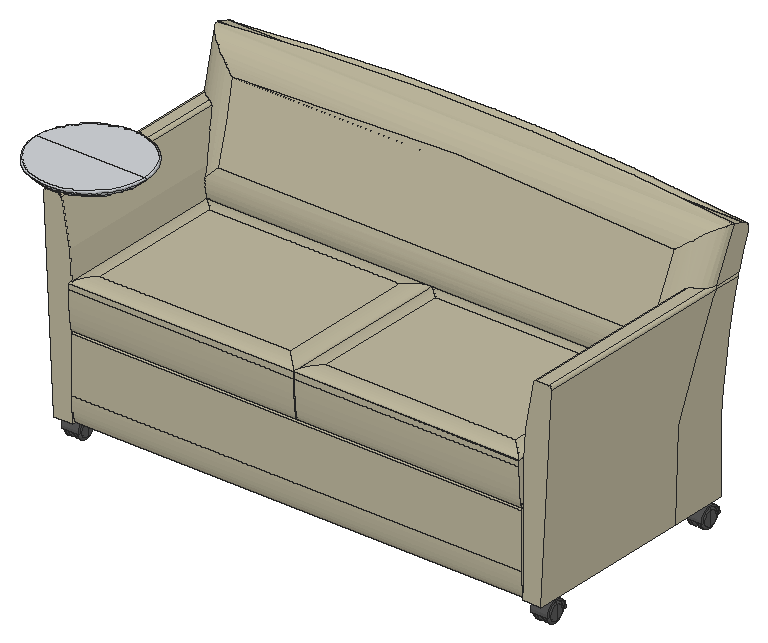
Revit family "martin brattrud heritage 910-60tl", category Furniture, Revit 2015
Parameters
  URL = "http://www.martinbrattrud.com"
  Tablet [instance] = none
  SCS Certified Product = "Yes"
  Model = "Heritage 910-60TL"
  Manufacturer = "Martin Brattrud, Inc."
  Handle [instance] = none
  Keynote = "125000"
  Copyright = "© 2013 Martin Brattrud, Inc."
  Chair [instance] = none
  Wheel [instance] = none
  Authoring Version = "Revit Architecture 2016"
  Assembly Code = "E2020200"
Reference planes (in)
  plane 1 "Center Front/Back": y = 0
  plane 2: z = 0
  plane 3: x = 15.67241
Forms (in)
  Extrusion 1, solid, material <- "Chair"
    sketch origin (0, 0, 0) x (0, 1, 0) y (0, 0, 1)
      loop
        arc (12.74026, 2.62614) -> (12.50987, 16.40948) -> (14.59049, 30.03683) r 82.04243
        arc (14.59049, 30.03683) -> (14.49515, 30.75072) -> (13.94487, 31.21539) r 1
        line (13.94487, 31.21539) -> (12.52721, 31.70551) -> (6.08401, 13.06882) -> (6.08401, 2.62614) -> (12.74026, 2.62614)
    from -14.5 to 45.84482
  Extrusion 2, solid, material <- "Chair"
    sketch origin (0, 0, 0) x (0, 1, 0) y (0, 0, 1)
      loop
        line (6.08401, 17.39354) -> (-13.90749, 17.39354) -> (-13.90749, 16.73684)
        spline (-13.90749, 16.73684) -> (-13.90289, 16.14947) -> (-13.88917, 15.57215) -> (-13.86656, 15.01476) -> (-13.83545, 14.48684) -> (-13.79637, 13.99741) -> (-13.75, 13.55486) -> (-13.69712, 13.16675) -> (-13.63864, 12.83973) -> (-13.57556, 12.57938) -> (-13.50896, 12.39017) -> (-13.43998, 12.27534) -> (-13.36979, 12.23684)
        line (-13.36979, 12.23684) -> (6.08401, 12.23684) -> (6.08401, 17.39354)
    from -10.4547 to 15.67241
  Sweep 3, solid, material <- "Chair"
    path in 3D
      loop
        line (-10.4547, 6.08401, 17.39354) -> (-10.4547, -13.90749, 17.39354) -> (15.67241, -13.90749, 17.39354) -> (15.67241, 6.08401, 17.39354) -> (-10.4547, 6.08401, 17.39354)
    profile origin (2.60886, 6.08401, 17.39354) x (0, -1, 0) y (0, 0, 1)
      loop
        line (0.03125, 0) -> (2.03125, 0) -> (2.03125, 0.56884)
        spline (2.03125, 0.56884) -> (1.7702, 0.56397) -> (1.51361, 0.54946) -> (1.26588, 0.52554) -> (1.03125, 0.49263) -> (0.81373, 0.45129) -> (0.61704, 0.40223) -> (0.44454, 0.34629) -> (0.2992, 0.28442) -> (0.18349, 0.21768) -> (0.0994, 0.14723) -> (0.04836, 0.07425) -> (0.03125, 0)
  Extrusion 4, solid, material <- "Chair"
    sketch origin (0, 0, 0) x (1, 0, 0) y (0, 1, 0)
      loop
        line (-8.42345, -11.87624) -> (13.64116, -11.87624) -> (13.64116, 4.05276) -> (-8.42345, 4.05276) -> (-8.42345, -11.87624)
    from 17.39354 to 17.96237
  Sweep 5, solid, material <- "Chair"
    path in 3D
      loop
        arc (45.84482, 12.7199, 2.83) -> (45.84482, 12.51683, 16.51168) -> (45.84482, 14.59049, 30.03683) r 82.04243
        arc (45.84482, 14.59049, 30.03683) -> (45.84482, 14.49515, 30.75072) -> (45.84482, 13.94487, 31.21539) r 1
        line (45.84482, 13.94487, 31.21539) -> (45.84482, 12.52721, 31.70551)
    profile origin (45.84482, 13.23604, 31.46045) x (0, -0.32675, -0.945111) y (1, 0, 0)
      loop
        line (0, -60.34482) -> (0, 0)
        arc (0, 0) -> (-1.27251, -30.17241) -> (0, -60.34482) r 358.34306
  Extrusion 6, void
    sketch origin (0, -11.75, 0) x (-1, 0, 0) y (0, 0, 1)
      loop
        arc (14.35088, 31.98684) -> (14.08326, 28.99427) -> (13.83545, 26) r 453.67894
        line (13.83545, 26) -> (13.42967, 26)
        arc (13.42967, 26) -> (13.70502, 25.87957) -> (13.80352, 25.59564) r 0.375
        arc (13.80352, 25.59564) -> (12.98082, 12.80689) -> (12.51965, 0) r 453.67894
        line (12.51965, 0) -> (15.2047, 0) -> (15.2047, 31.98684) -> (14.35088, 31.98684)
      loop
        line (-45.69571, 31.98684) -> (-46.54952, 31.98684) -> (-46.54952, 0) -> (-43.86448, 0)
        arc (-43.86448, 0) -> (-44.32564, 12.80689) -> (-45.14834, 25.59564) r 453.67894
        arc (-45.14834, 25.59564) -> (-45.04984, 25.87957) -> (-44.77449, 26) r 0.375
        line (-44.77449, 26) -> (-45.18028, 26)
        arc (-45.18028, 26) -> (-45.42808, 28.99427) -> (-45.69571, 31.98684) r 453.67894
    from -2.61979 to 26.83358
  Extrusion 7, solid, material <- "Chair"
    sketch origin (0, 19.68984, 52.42315) x (0, -0.32675, -0.945111) y (1, 0, 0)
      loop
        arc (25.63663, -9.97112) -> (29.88994, -9.65274) -> (34.14575, -9.36984) r 511.348
        line (34.14575, -9.36984) -> (34.14575, 40.86536) -> (25.052, 41.51847)
        arc (25.052, 41.51847) -> (24.67743, 15.7661) -> (25.63663, -9.97112) r 497.30164
    from 0 to 2.25
  Extrusion 8, solid, material <- "Chair"
    sketch origin (0, 0, 0) x (0, 1, 0) y (0, 0, 1)
      loop
        arc (-13.25527, 12.23684) -> (-13.43205, 12.16362) -> (-13.50527, 11.98684) r 0.25
        line (-13.50527, 11.98684) -> (-13.50527, 5.62614)
        spline (-13.50527, 5.62614) -> (-13.50023, 5.23456) -> (-13.48519, 4.84968) -> (-13.46042, 4.47809) -> (-13.42632, 4.12614) -> (-13.3835, 3.79985) -> (-13.33268, 3.50482) -> (-13.27472, 3.24608) -> (-13.21063, 3.02806) -> (-13.1415, 2.8545) -> (-13.06851, 2.72836) -> (-12.99291, 2.6518) -> (-12.91599, 2.62614)
        line (-12.91599, 2.62614) -> (6.08401, 2.62614) -> (6.08401, 12.23684) -> (-13.25527, 12.23684)
    from -10.4547 to 41.79952
  Sweep 9, solid, material <- "Chair"
    path origin (0, 11.84785, 29.74049) x (0, -0.32675, -0.945111) y (1, 0, 0)
      loop
        arc (14.177, 44.5168) -> (6.0287, 45.02908) -> (-2.1103, 45.67241) r 507.31675
        arc (-2.1103, 45.67241) -> (-3.35383, 15.67241) -> (-2.1103, -14.32759) r 362.49516
        arc (-2.1103, -14.32759) -> (6.0287, -13.68425) -> (14.177, -13.17198) r 507.31675
        line (14.177, -13.17198) -> (14.177, 44.5168)
    profile origin (15.67241, 7.21551, 16.34165) x (0, -0.32675, -0.945111) y (0, -0.945111, 0.32675)
      loop
        line (-4.03125, 0) -> (-0.03125, 0)
        spline (-0.03125, 0) -> (-0.06547, 0.29368) -> (-0.16755, 0.58234) -> (-0.33573, 0.86104) -> (-0.56715, 1.125) -> (-0.85784, 1.36971) -> (-1.20282, 1.59099) -> (-1.5962, 1.78505) -> (-2.03125, 1.94856) -> (-2.50052, 2.07873) -> (-2.99597, 2.17333) -> (-3.50915, 2.23075) -> (-4.03125, 2.25)
        line (-4.03125, 2.25) -> (-4.03125, 0)
  Extrusion 10, solid, material <- "Chair"
    sketch origin (0, -11.75, 0) x (-1, 0, 0) y (0, 0, 1)
      loop
        arc (12.5847, 2.62614) -> (13.04852, 14.11862) -> (13.80352, 25.59564) r 453.67894
        arc (13.80352, 25.59564) -> (13.70502, 25.87957) -> (13.42967, 26) r 0.375
        line (13.42967, 26) -> (12.10847, 26)
        arc (12.10847, 26) -> (11.87817, 25.92096) -> (11.74496, 25.71714) r 0.375
        arc (11.74496, 25.71714) -> (10.77851, 20.58673) -> (10.4547, 15.37614) r 42.08491
        line (10.4547, 15.37614) -> (10.4547, 2.62614) -> (12.5847, 2.62614)
      loop
        line (-43.92952, 2.62614) -> (-41.79952, 2.62614) -> (-41.79952, 15.37614)
        arc (-41.79952, 15.37614) -> (-42.12334, 20.58673) -> (-43.08979, 25.71714) r 42.08491
        arc (-43.08979, 25.71714) -> (-43.223, 25.92096) -> (-43.45329, 26) r 0.375
        line (-43.45329, 26) -> (-44.77449, 26)
        arc (-44.77449, 26) -> (-45.04984, 25.87957) -> (-45.14834, 25.59564) r 0.375
        arc (-45.14834, 25.59564) -> (-44.39334, 14.11862) -> (-43.92952, 2.62614) r 453.67894
    from -1.61979 to 25.88021
  Extrusion 11, solid, material <- "Wheel"
    sketch origin (0, 0, 0) x (0, 1, 0) y (0, 0, -1)
      loop
        arc (-12.47848, -1.0804) -> (-11.16598, -2.45654) -> (-9.85348, -1.0804) r 1.31397
        line (-9.85348, -1.0804) -> (-9.98095, -1.08637)
        arc (-9.98095, -1.08637) -> (-11.16745, -2.3304) -> (-12.35395, -1.08637) r 1.18783
        line (-12.35395, -1.08637) -> (-12.47848, -1.0804)
    from 10.44 to 12.44
  Revolve 12, solid, material <- "Wheel"
    sketch origin (0, -11.1734, 0) x (1, 0, 0) y (0, 0, -1)
      loop
        line (-11.315, -1.0804) -> (-10.47801, -1.0804) -> (-10.47801, -0.25)
        arc (-10.47801, -0.25) -> (-10.55123, -0.07322) -> (-10.72801, 0) r 0.25
        line (-10.72801, 0) -> (-11.065, 0)
        arc (-11.065, 0) -> (-11.24178, -0.07322) -> (-11.315, -0.25) r 0.25
        line (-11.315, -0.25) -> (-11.315, -1.0804)
      loop
        line (-11.565, -1.0804) -> (-11.565, -0.25)
        arc (-11.565, -0.25) -> (-11.63822, -0.07322) -> (-11.815, 0) r 0.25
        line (-11.815, 0) -> (-12.15199, 0)
        arc (-12.15199, 0) -> (-12.32877, -0.07322) -> (-12.40199, -0.25) r 0.25
        line (-12.40199, -0.25) -> (-12.40199, -1.0804) -> (-11.565, -1.0804)
      axis (-10.47801, -1.0804) -> (-12.40199, -1.0804)
    angle from 0 to 360
  Extrusion 13, solid, material <- "Wheel"
    sketch origin (-0.05844, 104.0333, 2.12614) x (-0.99232, 0.1237, 0) y (-0.1237, -0.99232, 0)
      loop
        circle (-2.90427, 115.22304) r 0.25
    from 0.04498 to 0.5
  Extrusion 14, solid, material <- "Wheel"
    sketch origin (0, 0, 0) x (0, -1, 0) y (0, 0, 1)
      loop
        line (-12.47848, 1.0804) -> (-12.35395, 1.08637)
        arc (-12.35395, 1.08637) -> (-11.16745, 2.3304) -> (-9.98095, 1.08637) r 1.18783
        line (-9.98095, 1.08637) -> (-9.85348, 1.0804)
        arc (-9.85348, 1.0804) -> (-11.16598, 2.45654) -> (-12.47848, 1.0804) r 1.31397
    from 10.44 to 12.44
  Revolve 15, solid, material <- "Wheel"
    sketch origin (0, 11.1734, 0) x (1, 0, 0) y (0, 0, 1)
      loop
        line (-11.315, 1.0804) -> (-11.315, 0.25)
        arc (-11.315, 0.25) -> (-11.24178, 0.07322) -> (-11.065, 0) r 0.25
        line (-11.065, 0) -> (-10.72801, 0)
        arc (-10.72801, 0) -> (-10.55123, 0.07322) -> (-10.47801, 0.25) r 0.25
        line (-10.47801, 0.25) -> (-10.47801, 1.0804) -> (-11.315, 1.0804)
      loop
        line (-11.565, 1.0804) -> (-12.40199, 1.0804) -> (-12.40199, 0.25)
        arc (-12.40199, 0.25) -> (-12.32877, 0.07322) -> (-12.15199, 0) r 0.25
        line (-12.15199, 0) -> (-11.815, 0)
        arc (-11.815, 0) -> (-11.63822, 0.07322) -> (-11.565, 0.25) r 0.25
        line (-11.565, 0.25) -> (-11.565, 1.0804)
      axis (-10.47801, 1.0804) -> (-12.40199, 1.0804)
    angle from 0 to 360
  Extrusion 16, solid, material <- "Wheel"
    sketch origin (-0.05844, -104.0333, 2.12614) x (0.99232, 0.1237, 0) y (-0.1237, 0.99232, 0)
      loop
        circle (2.90427, 115.22304) r 0.25
    from 0.04498 to 0.5
  Extrusion 17, void
    sketch origin (0, 0, 0) x (0, 1, 0) y (0, 0, 1)
      loop
        line (17.43249, 34.00269) -> (15.64821, 34.00269)
        arc (15.64821, 34.00269) -> (12.61417, 17.78301) -> (12.88719, 1.28425) r 82.04243
        line (12.88719, 1.28425) -> (17.43249, 1.28425) -> (17.43249, 34.00269)
    from -16 to 48.5
  Extrusion 18, void
    sketch origin (0, -11.75, 0) x (-1, 0, 0) y (0, 0, 1)
      loop
        line (14.2047, 2.62614) -> (14.2047, 26.0625) -> (12.10847, 26.0625)
        arc (12.10847, 26.0625) -> (11.87817, 25.98346) -> (11.74496, 25.77964) r 0.375
        arc (11.74496, 25.77964) -> (10.77851, 20.64923) -> (10.4547, 15.43864) r 42.08491
        line (10.4547, 15.43864) -> (10.4547, 2.62614) -> (14.2047, 2.62614)
      loop
        line (-45.54952, 2.62614) -> (-41.79952, 2.62614) -> (-41.79952, 15.43864)
        arc (-41.79952, 15.43864) -> (-42.12334, 20.64923) -> (-43.08979, 25.77964) r 42.08491
        arc (-43.08979, 25.77964) -> (-43.223, 25.98346) -> (-43.45329, 26.0625) r 0.375
        line (-43.45329, 26.0625) -> (-45.54952, 26.0625) -> (-45.54952, 2.62614)
    from -1.61979 to 25.88021
  Extrusion 19, solid, material <- "Wheel"
    sketch origin (31.52021, 0, 0) x (0, 1, 0) y (0, 0, 1)
      loop
        line (-12.47848, 1.0804) -> (-12.35395, 1.08637)
        arc (-12.35395, 1.08637) -> (-11.16745, 2.3304) -> (-9.98095, 1.08637) r 1.18783
        line (-9.98095, 1.08637) -> (-9.85348, 1.0804)
        arc (-9.85348, 1.0804) -> (-11.16598, 2.45654) -> (-12.47848, 1.0804) r 1.31397
    from 10.44 to 12.44
  Revolve 20, solid, material <- "Wheel"
    sketch origin (31.52021, -11.1734, 0) x (-1, 0, 0) y (0, 0, 1)
      loop
        line (-11.315, 1.0804) -> (-11.315, 0.25)
        arc (-11.315, 0.25) -> (-11.24178, 0.07322) -> (-11.065, 0) r 0.25
        line (-11.065, 0) -> (-10.72801, 0)
        arc (-10.72801, 0) -> (-10.55123, 0.07322) -> (-10.47801, 0.25) r 0.25
        line (-10.47801, 0.25) -> (-10.47801, 1.0804) -> (-11.315, 1.0804)
      loop
        line (-11.565, 1.0804) -> (-12.40199, 1.0804) -> (-12.40199, 0.25)
        arc (-12.40199, 0.25) -> (-12.32877, 0.07322) -> (-12.15199, 0) r 0.25
        line (-12.15199, 0) -> (-11.815, 0)
        arc (-11.815, 0) -> (-11.63822, 0.07322) -> (-11.565, 0.25) r 0.25
        line (-11.565, 0.25) -> (-11.565, 1.0804)
      axis (-10.47801, 1.0804) -> (-12.40199, 1.0804)
    angle from 0 to 360
  Extrusion 21, solid, material <- "Wheel"
    sketch origin (31.57865, 104.0333, 2.12614) x (-0.99232, -0.1237, 0) y (0.1237, -0.99232, 0)
      loop
        circle (2.90427, 115.22304) r 0.25
    from 0.04498 to 0.5
  Extrusion 22, solid, material <- "Wheel"
    sketch origin (31.52021, 0, 0) x (0, -1, 0) y (0, 0, -1)
      loop
        arc (-12.47848, -1.0804) -> (-11.16598, -2.45654) -> (-9.85348, -1.0804) r 1.31397
        line (-9.85348, -1.0804) -> (-9.98095, -1.08637)
        arc (-9.98095, -1.08637) -> (-11.16745, -2.3304) -> (-12.35395, -1.08637) r 1.18783
        line (-12.35395, -1.08637) -> (-12.47848, -1.0804)
    from 10.44 to 12.44
  Revolve 23, solid, material <- "Wheel"
    sketch origin (31.52021, 11.1734, 0) x (-1, 0, 0) y (0, 0, -1)
      loop
        line (-11.315, -1.0804) -> (-10.47801, -1.0804) -> (-10.47801, -0.25)
        arc (-10.47801, -0.25) -> (-10.55123, -0.07322) -> (-10.72801, 0) r 0.25
        line (-10.72801, 0) -> (-11.065, 0)
        arc (-11.065, 0) -> (-11.24178, -0.07322) -> (-11.315, -0.25) r 0.25
        line (-11.315, -0.25) -> (-11.315, -1.0804)
      loop
        line (-11.565, -1.0804) -> (-11.565, -0.25)
        arc (-11.565, -0.25) -> (-11.63822, -0.07322) -> (-11.815, 0) r 0.25
        line (-11.815, 0) -> (-12.15199, 0)
        arc (-12.15199, 0) -> (-12.32877, -0.07322) -> (-12.40199, -0.25) r 0.25
        line (-12.40199, -0.25) -> (-12.40199, -1.0804) -> (-11.565, -1.0804)
      axis (-10.47801, -1.0804) -> (-12.40199, -1.0804)
    angle from 0 to 360
  Extrusion 24, solid, material <- "Wheel"
    sketch origin (31.57865, -104.0333, 2.12614) x (0.99232, -0.1237, 0) y (0.1237, 0.99232, 0)
      loop
        circle (-2.90427, 115.22304) r 0.25
    from 0.04498 to 0.5
  Extrusion 25, solid, material <- "Chair"
    sketch origin (42.82461, 0, 0) x (0, 1, 0) y (0, 0, -1)
      loop
        line (6.08401, -17.39354) -> (6.08401, -12.23684) -> (-13.36979, -12.23684)
        spline (-13.36979, -12.23684) -> (-13.43998, -12.27534) -> (-13.50896, -12.39017) -> (-13.57556, -12.57938) -> (-13.63864, -12.83973) -> (-13.69712, -13.16675) -> (-13.75, -13.55486) -> (-13.79637, -13.99741) -> (-13.83545, -14.48684) -> (-13.86656, -15.01476) -> (-13.88917, -15.57215) -> (-13.90289, -16.14947) -> (-13.90749, -16.73684)
        line (-13.90749, -16.73684) -> (-13.90749, -17.39354) -> (6.08401, -17.39354)
    from 1.02509 to 27.1522
  Sweep 26, solid, material <- "Chair"
    path in 3D
      loop
        line (15.67241, 6.08401, 17.39354) -> (15.67241, -13.90749, 17.39354) -> (41.79952, -13.90749, 17.39354) -> (41.79952, 6.08401, 17.39354) -> (15.67241, 6.08401, 17.39354)
    profile origin (28.73597, 6.08401, 17.39354) x (0, -1, 0) y (0, 0, 1)
      loop
        line (0.03125, 0) -> (2.03125, 0) -> (2.03125, 0.56884)
        spline (2.03125, 0.56884) -> (1.7702, 0.56397) -> (1.51361, 0.54946) -> (1.26588, 0.52554) -> (1.03125, 0.49263) -> (0.81373, 0.45129) -> (0.61704, 0.40223) -> (0.44454, 0.34629) -> (0.2992, 0.28442) -> (0.18349, 0.21768) -> (0.0994, 0.14723) -> (0.04836, 0.07425) -> (0.03125, 0)
  Extrusion 27, solid, material <- "Chair"
    sketch origin (26.12711, 0, 0) x (1, 0, 0) y (0, 1, 0)
      loop
        line (-8.42345, -11.87624) -> (13.64116, -11.87624) -> (13.64116, 4.05276) -> (-8.42345, 4.05276) -> (-8.42345, -11.87624)
    from 17.39354 to 17.96237
  Extrusion 28, solid, material <- "Chair"
    sketch origin (0, 19.68984, 52.42315) x (0, -0.32675, -0.945111) y (1, 0, 0)
      loop
        arc (34.14575, 40.71466) -> (29.86964, 40.99899) -> (25.59606, 41.31915) r 511.348
        arc (25.59606, 41.31915) -> (24.67742, 15.67241) -> (25.59606, -9.97433) r 358.46391
        arc (25.59606, -9.97433) -> (29.86964, -9.65417) -> (34.14575, -9.36984) r 511.348
        line (34.14575, -9.36984) -> (34.14575, 40.71466)
    from 0 to 2.25
  Revolve 29, solid, material <- "Tablet"
    sketch origin (0, -7.38778, 0) x (-1, 0, 0) y (0, 0, 1)
      loop
        line (13.1342, 26.75512) -> (13.1342, 26.00512) -> (18.8892, 26.00512)
        arc (18.8892, 26.00512) -> (18.93895, 26.01502) -> (18.98113, 26.0432) r 0.13
        line (18.98113, 26.0432) -> (19.47113, 26.5332)
        arc (19.47113, 26.5332) -> (19.49931, 26.67487) -> (19.3792, 26.75512) r 0.13
        line (19.3792, 26.75512) -> (13.1342, 26.75512)
      axis (13.1342, 26.75512) -> (13.1342, 26.00512)
    angle from 0 to 360
Cuts and joins
  joined: Sweep 3, Extrusion 4
  Extrusion 6 cuts Extrusion 1
  Extrusion 6, Extrusion 17 cuts Sweep 5
  Extrusion 17 cuts Extrusion 10
  joined: Extrusion 1, Sweep 5, Extrusion 10
  Extrusion 18 cuts Sweep 9
  joined: Extrusion 7, Sweep 9, Extrusion 28
  joined: Sweep 26, Extrusion 27
Lines and regions (in)
  sketch lines
    curve 1: line (15.67241, 6.08401, 17.39354) -> (-10.4547, 6.08401, 17.39354)
    curve 2: line (-10.4547, -13.90749, 17.39354) -> (-10.4547, 6.08401, 17.39354)
    curve 3: line (15.67241, -13.90749, 17.39354) -> (-10.4547, -13.90749, 17.39354)
    curve 4: line (15.67241, 6.08401, 17.39354) -> (15.67241, -13.90749, 17.39354)
    curve 5: line (45.84482, 13.94487, 31.21539) -> (45.84482, 12.52721, 31.70551)
    curve 6: arc (45.84482, 13.94487, 31.21539) -> (45.84482, 14.49515, 30.75072) -> (45.84482, 14.59049, 30.03683) r 1
    curve 7: arc (45.84482, 14.59049, 30.03683) -> (45.84482, 12.51683, 16.51168) -> (45.84482, 12.7199, 2.83) r 82.04243
    curve 8: line (41.79952, 6.08401, 17.39354) -> (15.67241, 6.08401, 17.39354)
    curve 9: line (15.67241, -13.90749, 17.39354) -> (15.67241, 6.08401, 17.39354)
    curve 10: line (41.79952, -13.90749, 17.39354) -> (15.67241, -13.90749, 17.39354)
    curve 11: line (41.79952, 6.08401, 17.39354) -> (41.79952, -13.90749, 17.39354)
